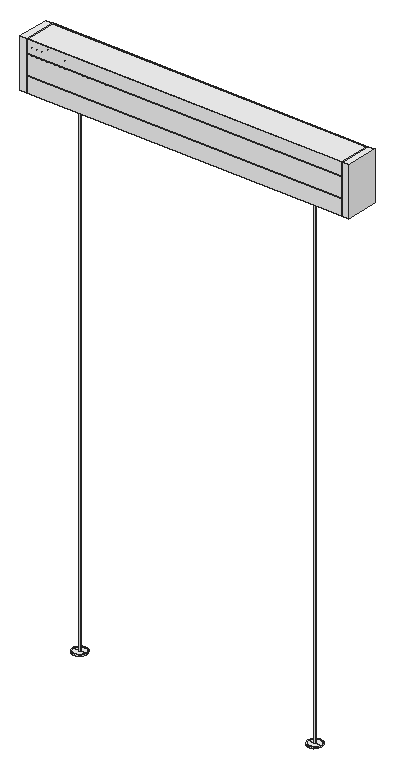
Revit family "2.3 inch  MAGIC WALL WASH LINEAR LIGHT", category Lighting Fixtures, host Face, Revit 2020 (continued)
Types (17): name | Wattage Comments | Wattage | Wall Mount | Suspenders Distance | Surface Mount | Recessed Mount | Photometric Web File | Pendent Mount | Order number | built-in parameter 1150142 | Model | built-in parameter 1150105 | Lumens | Light Source Height | Light Source Distance | built-in parameter 1150106 | Fixture Length
    96     \r\n 4.02     4.08     4.14     4.19     4.25     4.31     4.37     4.42     4.48     4.54     \r\n 4.59     4.65     4.70     4.76     4.81     4.86     4.91     4.96     5.01     5.06     \r\n 5.12     5.17     5.22     5.26     5.31     5.36     5.40     5.45     5.49     5.53     \r\n 5.58     5.62     5.67     5.71     5.74     5.78     5.81     5.84     5.87     5.90     \r\n 5.92     5.93     5.94     5.95     5.95     5.95     5.96     5.96     5.96     5.96     \r\n 5.96     5.96     5.96     5.96     5.96     5.96     5.96     5.96     5.95     5.95     \r\n 5.95     5.95     5.95     5.95     5.94     5.93     5.91     5.89     5.87     5.83     \r\n 5.80     5.78     5.76     5.72     5.69     5.65     5.62     5.59     5.57     5.53     \r\n 5.50     5.46     5.43     5.38     5.33     5.30     5.26     5.22     5.19     5.15     \r\n 5.11     5.07     5.04     5.00     4.96     4.92     4.88     4.84     4.80     4.75     \r\n 4.71     4.67     4.63     4.59     4.54     4.51     4.47     4.42     4.38     4.32     \r\n 4.26     \r\n1793.11  1778.52  1763.92  1748.14  1732.32  1716.69  1701.07  1685.15  1669.19  1653.17  \r\n 1637.13  1619.95  1602.57  1584.54  1566.37  1547.64  1528.76  1509.59  1490.33  1470.35  \r\n 1450.09  1430.45  1411.10  1390.87  1370.18  1349.52  1328.86  1308.44  1288.19  1268.30  \r\n 1248.70  1228.99  1209.20  1190.59  1173.20  1155.01  1135.91  1117.71  1100.69  1084.00  \r\n 1067.82  1051.84  1036.24  1020.96  1006.34  991.81   977.47   963.18   949.03   935.10   \r\n 922.00   909.02   896.51   884.05   871.88   859.73   847.75   835.83   824.73   813.61   \r\n 802.35   791.12   780.64   770.18   759.84   749.51   739.59   729.73   719.97   710.23   \r\n 700.64   691.11   681.76   672.48   663.33   654.23   645.05   635.83   627.08   618.63   \r\n 610.05   601.38   592.86   584.51   576.24   568.08   559.80   551.33   543.05   535.14   \r\n 527.25   519.44   511.64   503.88   496.14   488.50   480.87   473.38   465.90   458.50   \r\n 451.12   443.49   435.84   429.07   422.44   415.33   408.10   401.00   393.94   387.02   \r\n 380.19   373.36   366.53   359.74   353.00   345.94   339.05   332.13   325.09   318.08   \r\n 311.19   304.32   297.57   290.83   283.76   276.66   269.69   262.82   256.19   249.71   \r\n 243.31   236.99   230.68   224.38   218.12   212.02   205.94   199.89   193.88   187.96   \r\n 182.11   176.33   170.62   164.94   159.21   153.50   147.82   141.82   135.67   129.73   \r\n 123.86   118.22   112.63   107.11   101.67   96.34    91.20    86.13    81.16    76.26    \r\n 71.42    66.20    60.87    55.62    50.50    45.48    40.53    35.66    30.89    26.43    \r\n 22.38    18.47    14.71    11.06    7.52     5.13     4.99     4.88     4.79     4.71     \r\n 4.64     4.70     4.77     4.83     4.89     4.95     5.01     5.06     5.11     5.16     \r\n 5.20     5.24     5.24     5.22     5.20     5.18     5.16     5.14     5.12     5.10     \r\n 5.08     5.05     5.01     4.98     4.94     4.90     4.87     4.82     4.78     4.74     \r\n 4.69     4.65     4.61     4.57     4.49     4.38     4.27     4.17     4.07     3.97     \r\n 3.88     3.80     3.73     3.67     3.61     3.54     3.48     3.43     3.38     3.34     \r\n 3.31     3.28     3.26     3.26     3.27     3.29     3.33     3.37     3.39     3.41     \r\n 3.44     3.46     3.52     3.58     3.62     3.64     3.68     3.74     3.80     3.87     \r\n 3.93     3.99     4.05     4.11     4.16     4.22     4.28     4.34     4.40     4.46     \r\n 4.52     4.58     4.63     4.69     4.74     4.80     4.86     4.91     4.97     5.02     \r\n 5.08     5.13     5.19     5.24     5.30     5.35     5.40     5.45     5.50     5.55     \r\n 5.61     5.66     5.71     5.75     5.79     5.83     5.87     5.90     5.93     5.95     \r\n 5.98     5.99     6.00     6.01     6.01     6.02     6.02     6.03     6.03     6.03     \r\n 6.03     6.03     6.03     6.03     6.03     6.02     6.02     6.02     6.01     6.01     \r\n 6.01     6.00     6.00     6.00     5.99     5.97     5.95     5.93     5.90     5.86     \r\n 5.83     5.81     5.78     5.74     5.70     5.67     5.64     5.61     5.58     5.55     \r\n 5.51     5.48     5.44     5.40     5.36     5.32     5.28     5.24     5.21     5.17     \r\n 5.13     5.09     5.05     5.01     4.97     4.93     4.88     4.84     4.80     4.76     \r\n 4.71     4.67     4.63     4.59     4.55     4.51     4.47     4.42     4.38     4.32     \r\n 4.26     \r\n1793.11  1778.53  1763.96  1748.26  1732.49  1716.88  1701.31  1685.46  1669.54  1653.55  \r\n 1637.54  1620.68  1603.37  1585.64  1567.60  1549.21  1530.46  1511.56  1492.46  1473.00  \r\n 1452.91  1433.06  1413.81  1394.29  1373.84  1353.40  1332.98  1312.59  1292.62  1272.67  \r\n 1253.31  1233.98  1214.51  1195.05  1177.48  1160.27  1141.98  1123.40  1106.07  1089.32  \r\n 1073.07  1057.15  1041.59  1026.36  1011.51  997.14   982.85   968.71   954.66   940.82   \r\n 927.20   914.45   901.78   889.52   877.28   865.35   853.44   841.73   830.06   818.94   \r\n 807.92   797.06   786.29   775.83   765.54   755.32   745.18   735.28   725.68   716.08   \r\n 706.48   696.99   687.79   678.63   669.54   660.47   651.72   642.98   633.97   624.94   \r\n 616.52   608.25   599.89   591.52   583.28   575.13   567.08   559.15   551.13   542.94   \r\n 534.84   527.20   519.56   511.42   503.31   495.16   487.02   478.97   470.98   463.09   \r\n 455.27   447.53   439.88   432.19   424.33   416.55   409.57   402.59   395.21   387.80   \r\n 380.51   373.30   366.20   359.19   352.20   345.20   338.22   331.38   324.58   317.94   \r\n 311.36   304.77   298.19   291.64   285.11   278.60   272.28   266.02   259.67   253.29   \r\n 247.06   241.22   235.20   228.36   221.53   214.76   208.04   201.39   194.89   188.45   \r\n 182.08   175.80   169.60   163.47   157.40   151.42   145.59   139.82   134.14   128.53   \r\n 123.00   117.51   111.45   105.47   99.67    93.98    88.35    82.79    77.30    71.88    \r\n 66.55    61.33    56.20    51.15    46.59    42.07    37.62    33.23    28.91    24.65    \r\n 20.45    16.30    12.17    10.89    9.87     8.91     8.00     7.12     6.28     5.45     \r\n 4.64     4.68     4.72     4.76     4.80     4.84     4.88     4.92     4.95     4.99     \r\n 5.02     5.05     5.08     5.10     5.12     5.13     5.15     5.17     5.15     5.14     \r\n 5.13     5.12     5.10     5.09     5.08     5.06     5.05     5.04     5.02     5.01     \r\n 4.97     4.93     4.89     4.84     4.80     4.75     4.70     4.66     4.61     4.55     \r\n 4.48     4.41     4.32     4.23     4.15     4.05     3.96     3.85     3.75     3.72     \r\n 3.70     3.70     3.69     3.70     3.70     3.70     3.71     3.71     3.73     3.75     \r\n 3.77     3.78     3.80     3.81     3.83     3.86     3.90     3.93     3.96     4.00     \r\n 4.04     4.08     4.12     4.16     4.21     4.26     4.31     4.36     4.41     4.46     \r\n 4.52     4.57     4.62     4.68     4.74     4.80     4.86     4.92     4.99     5.05     \r\n 5.11     5.17     5.24     5.29     5.35     5.41     5.46     5.52     5.58     5.64     \r\n 5.70     5.75     5.80     5.84     5.89     5.93     5.96     5.99     6.01     6.04     \r\n 6.05     6.06     6.07     6.08     6.09     6.09     6.10     6.10     6.10     6.10     \r\n 6.10     6.10     6.09     6.09     6.09     6.08     6.08     6.07     6.07     6.07     \r\n 6.06     6.06     6.06     6.05     6.03     6.01     5.99     5.96     5.91     5.88     \r\n 5.85     5.82     5.78     5.75     5.71     5.68     5.65     5.63     5.59     5.56     \r\n 5.52     5.49     5.45     5.40     5.37     5.34     5.30     5.26     5.22     5.18     \r\n 5.14     5.09     5.05     5.01     4.97     4.93     4.89     4.84     4.80     4.76     \r\n 4.71     4.67     4.63     4.59     4.55     4.51     4.47     4.42     4.38     4.32     \r\n 4.26     \r\n1793.11  1778.66  1764.21  1748.74  1733.13  1717.67  1702.25  1686.63  1670.86  1655.04  \r\n 1639.18  1622.86  1605.76  1588.50  1570.73  1552.92  1534.44  1515.97  1497.18  1478.40  \r\n 1458.79  1439.03  1419.81  1400.81  1381.19  1361.14  1341.11  1321.08  1301.21  1281.70  \r\n 1262.30  1243.37  1224.46  1205.45  1186.49  1169.37  1152.49  1134.79  1116.87  1099.91  \r\n 1083.55  1067.58  1052.07  1036.80  1022.06  1007.46  993.45   979.46   965.64   951.84   \r\n 938.37   924.99   912.38   900.12   888.07   876.18   864.43   852.87   841.39   830.10   \r\n 818.87   808.05   797.23   786.93   776.74   766.68   756.65   746.72   736.88   727.25   \r\n 718.00   708.76   699.42   690.08   681.31   672.59   663.82   654.28   644.86   635.66   \r\n 626.35   616.80   607.39   598.59   589.82   581.02   572.24   563.59   555.01   546.55   \r\n 538.25   529.93   521.45   513.00   505.02   497.09   489.29   481.58   473.83   465.97   \r\n 458.17   450.61   443.09   435.67   428.28   420.95   413.67   406.41   399.23   392.10   \r\n 385.26   378.50   371.67   364.75   357.88   351.23   344.62   338.07   331.55   324.77   \r\n 317.26   309.80   302.49   295.26   288.08   281.00   273.97   267.01   260.11   253.28   \r\n 246.45   239.68   233.02   226.49   220.01   213.56   207.17   200.84   194.69   188.59   \r\n 182.54   176.51   170.53   164.09   157.64   151.25   144.93   138.62   132.39   126.24   \r\n 120.21   114.27   108.39   102.58   96.84    91.17    85.57    80.05    74.78    69.87    \r\n 65.01    60.21    55.45    50.76    46.13    41.55    37.02    32.54    28.11    23.72    \r\n 20.59    18.85    17.16    15.50    13.88    12.29    10.72    9.17     7.63     6.11     \r\n 4.59     4.62     4.65     4.68     4.71     4.74     4.76     4.79     4.82     4.85     \r\n 4.87     4.90     4.91     4.93     4.95     4.96     4.98     5.00     5.01     5.03     \r\n 5.04     5.05     5.07     5.07     5.06     5.05     5.04     5.03     5.02     5.02     \r\n 5.01     5.01     5.01     5.00     5.00     5.00     5.00     4.99     4.97     4.90     \r\n 4.82     4.75     4.68     4.62     4.56     4.50     4.44     4.39     4.34     4.30     \r\n 4.26     4.22     4.18     4.15     4.11     4.09     4.06     4.03     4.00     3.98     \r\n 3.96     3.94     3.95     3.96     3.98     4.00     4.03     4.05     4.07     4.10     \r\n 4.13     4.16     4.20     4.23     4.27     4.31     4.35     4.39     4.43     4.48     \r\n 4.53     4.57     4.62     4.67     4.73     4.78     4.84     4.90     4.96     5.03     \r\n 5.09     5.15     5.21     5.28     5.35     5.42     5.50     5.57     5.64     5.71     \r\n 5.78     5.84     5.90     5.96     6.01     6.04     6.07     6.09     6.11     6.12     \r\n 6.13     6.15     6.16     6.17     6.17     6.18     6.18     6.18     6.18     6.17     \r\n 6.17     6.16     6.16     6.15     6.15     6.14     6.13     6.13     6.13     6.12     \r\n 6.12     6.11     6.10     6.09     6.06     6.04     6.00     5.95     5.92     5.89     \r\n 5.85     5.82     5.78     5.75     5.72     5.69     5.66     5.63     5.59     5.56     \r\n 5.53     5.49     5.45     5.41     5.38     5.34     5.31     5.26     5.22     5.18     \r\n 5.14     5.09     5.05     5.01     4.97     4.92     4.88     4.84     4.80     4.75     \r\n 4.71     4.67     4.62     4.58     4.54     4.50     4.46     4.42     4.37     4.32     \r\n 4.26     \r\n1793.11  1778.90  1764.69  1749.58  1734.25  1719.04  1703.90  1688.64  1673.14  1657.62  \r\n 1642.03  1626.43  1609.70  1592.94  1575.72  1558.38  1540.65  1522.60  1504.46  1486.12  \r\n 1467.68  1448.39  1429.12  1410.46  1391.86  1372.62  1353.13  1333.66  1314.19  1294.87  \r\n 1275.96  1257.12  1238.75  1220.42  1202.06  1183.73  1166.53  1150.13  1133.44  1116.30  \r\n 1099.40  1083.57  1067.78  1052.70  1037.75  1023.33  1009.23  995.38   981.87   968.41   \r\n 955.04   941.69   928.80   915.99   903.92   892.26   880.71   869.30   857.95   846.88   \r\n 835.83   825.02   814.27   803.68   793.18   782.68   771.97   761.29   750.51   739.77   \r\n 729.22   718.78   708.61   698.77   688.96   679.11   669.31   659.95   650.71   641.44   \r\n 632.11   622.88   614.04   605.23   596.29   587.36   578.68   570.31   561.98   553.63   \r\n 545.31   537.10   528.95   520.90   513.08   505.31   497.40   489.49   481.78   474.34   \r\n 466.93   459.70   452.53   445.25   437.83   430.44   423.43   416.50   409.17   401.24   \r\n 393.34   385.47   377.66   369.93   362.33   354.76   347.22   339.71   332.22   324.86   \r\n 317.57   310.36   303.30   296.29   289.34   282.45   275.61   268.81   262.07   255.38   \r\n 248.80   242.29   235.83   229.44   223.11   216.21   209.26   202.42   195.62   188.89   \r\n 182.21   175.59   169.04   162.57   156.16   149.82   143.54   137.34   131.19   125.11   \r\n 119.11   113.20   107.35   101.73   96.40    91.10    85.86    80.68    75.56    70.49    \r\n 65.50    60.56    55.66    50.80    45.99    41.22    36.48    31.78    29.36    27.17    \r\n 25.01    22.88    20.77    18.69    16.63    14.59    12.56    10.55    8.54     6.54     \r\n 4.55     4.57     4.59     4.62     4.64     4.66     4.69     4.71     4.73     4.75     \r\n 4.78     4.80     4.82     4.84     4.85     4.87     4.88     4.89     4.90     4.91     \r\n 4.92     4.93     4.94     4.96     4.97     4.98     5.00     5.01     5.01     5.01     \r\n 5.00     4.99     4.97     4.96     4.94     4.93     4.92     4.91     4.90     4.89     \r\n 4.88     4.87     4.85     4.84     4.83     4.81     4.78     4.73     4.68     4.62     \r\n 4.57     4.52     4.48     4.43     4.39     4.36     4.33     4.31     4.29     4.27     \r\n 4.25     4.23     4.22     4.21     4.20     4.20     4.20     4.20     4.20     4.20     \r\n 4.20     4.21     4.22     4.25     4.28     4.32     4.35     4.39     4.43     4.47     \r\n 4.52     4.56     4.61     4.66     4.72     4.77     4.83     4.88     4.94     5.00     \r\n 5.06     5.13     5.20     5.26     5.33     5.39     5.46     5.52     5.59     5.65     \r\n 5.71     5.76     5.82     5.87     5.92     5.96     6.00     6.03     6.07     6.10     \r\n 6.14     6.17     6.19     6.22     6.24     6.26     6.26     6.25     6.24     6.24     \r\n 6.23     6.22     6.22     6.21     6.20     6.20     6.19     6.19     6.18     6.18     \r\n 6.16     6.15     6.13     6.10     6.06     6.02     5.98     5.94     5.91     5.87     \r\n 5.84     5.81     5.77     5.74     5.72     5.69     5.65     5.62     5.59     5.55     \r\n 5.52     5.48     5.45     5.42     5.38     5.34     5.30     5.26     5.22     5.17     \r\n 5.13     5.09     5.04     5.00     4.96     4.92     4.87     4.83     4.79     4.74     \r\n 4.70     4.66     4.62     4.58     4.54     4.50     4.46     4.42     4.37     4.32     \r\n 4.26     \r\n1793.11  1779.24  1765.38  1750.77  1735.84  1720.98  1706.24  1691.48  1676.39  1661.27  \r\n 1646.10  1630.89  1615.18  1598.88  1582.52  1565.70  1548.91  1531.54  1514.06  1496.45  \r\n 1478.71  1460.81  1442.16  1423.53  1405.40  1387.35  1368.88  1350.10  1331.35  1312.59  \r\n 1293.86  1275.63  1257.52  1239.68  1222.06  1204.47  1186.90  1169.39  1153.38  1137.59  \r\n 1121.56  1105.39  1089.48  1074.34  1059.23  1044.78  1030.50  1016.65  1003.29  990.03   \r\n 977.12   964.26   951.45   938.67   926.12   913.97   901.87   889.89   877.44   865.09   \r\n 852.83   840.69   828.82   817.01   805.47   794.06   782.79   771.75   760.79   750.45   \r\n 740.21   729.97   719.76   709.61   699.75   689.95   680.41   671.07   661.78   652.55   \r\n 643.39   634.46   625.72   617.02   608.16   599.33   590.76   582.42   574.12   565.83   \r\n 557.61   549.56   541.73   533.94   526.15   518.40   510.70   503.08   495.50   487.15   \r\n 478.72   470.33   461.89   453.49   445.19   437.09   429.01   421.04   413.26   405.53   \r\n 397.74   389.92   382.16   374.68   367.35   360.08   352.73   345.39   338.09   330.93   \r\n 323.85   316.84   309.75   302.65   295.58   288.54   281.52   274.43   266.83   259.53   \r\n 252.27   245.08   238.01   230.99   224.04   217.08   210.09   203.12   196.18   189.43   \r\n 182.77   176.17   169.63   163.17   156.77   150.43   144.15   137.92   131.81   126.05   \r\n 120.35   114.70   109.11   103.58   98.09    92.65    87.26    81.93    76.64    71.40    \r\n 66.20    61.04    55.92    50.83
